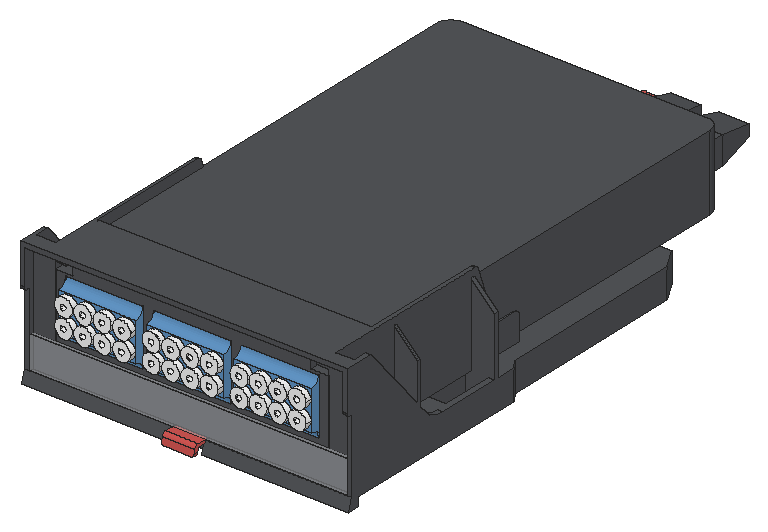
Revit family "Cassettes MTP", category Installations électriques, Revit 2020 (continued)
Types (8, lengths in mm): name | Libellé BIM | Profondeur | Type de connecteur interne | Lien e-catalogue | Classe ETIM | Approprié pour nombre de connecteurs | Connecteurs LC | EAN | Connecteurs SC | Visibilité des connecteurs | Visibilité connecteurs LC | Visibilité connecteurs SC | Classe de fibre optique | Croisé | Fonction | Nombre de connecteurs face arrière | Nombre de connecteurs face avant | Type de connecteur externe | Type de fibre optique | Référence Legrand
  Cassette MTP 12 SC OM4 panneau HD Ultra | "Cassette MTP 12 SC OM4 panneau HD Ultra" | 196 | "MT/MPO" | "https://www.legrand.fr/reference/032143/pro" | "EC001130" | 12 | Connecteurs LC : 12 fibres OM4 multimode | "3414970962164" | Connecteurs SC : 12 fibres OM4 multimode | no | no | yes | "OM4" | yes | "Cassettes Slim haute densité MTP" | 1 | 12 | "SC_DUPLEX" | "Multimode" | "032143"
  Cassette MTP 24 LC OS2 panneau HD Ultra | "Cassette MTP 24 LC OS2 panneau HD Ultra" | 196 | "MT/MPO" | "https://www.legrand.fr/reference/032144/pro" | "EC001130" | 24 | Connecteurs LC : 24 fibres OS2 monomode | "3414970962188" | Connecteurs SC : 12 fibres OM4 multimode | yes | yes | no | "OS2" | no | "Cassettes Slim haute densité MTP" | 2 | 24 | "LC_DUPLEX" | "Monomode" | "032144"
  Cassette MTP 12 SC OS2 panneau HD Ultra | "Cassette MTP 12 SC OS2 panneau HD Ultra" | 196 | "MT/MPO" | "https://www.legrand.fr/reference/032145/pro" | "EC001130" | 12 | Connecteurs LC : 12 fibres OM4 multimode | "3414970962201" | Connecteurs SC : 12 fibres OS2 monomode | no | no | yes | "OS2" | yes | "Cassettes Slim haute densité MTP" | 1 | 12 | "SC_DUPLEX" | "Monomode" | "032145"
  Cassette MTP 12 LC OM4 panneau HD Ultra | "Cassette MTP 12 LC OM4 panneau HD Ultra" | 200 | "MTP-M" | "https://www.legrand.fr/reference/032148/pro" | "EC002699" | 12 | Connecteurs LC : 12 fibres OM4 multimode | "3414971420236" | Connecteurs SC : 12 fibres OM4 multimode | no | yes | no | "OM4" | no | "Cassettes haute densité MTP" | 1 | 12 | "LC_DUPLEX" | "Multimode" | "032148"
  Cassette MTP 12 LC OS2 panneau HD Ultra | "Cassette MTP 12 LC OS2 panneau HD Ultra" | 200 | "MTP-M" | "https://www.legrand.fr/reference/032149/pro" | "EC002699" | 12 | Connecteurs LC : 12 fibres OS2 monomode | "3414971420250" | Connecteurs SC : 12 fibres OM4 multimode | no | yes | no | "OS2" | no | "Cassettes haute densité MTP" | 1 | 12 | "LC_DUPLEX" | "Monomode" | "032149"
  Cassette MTP 12 SC OM4 panneau HDÉ_UNIVERSELLE_ULTRA | "Cassette MTP 12 SC OM4 panneau HDÉ_UNIVERSELLE_ULTRA" | 200 | "MTP-M" | "https://www.legrand.fr/reference/_ULTRA/pro" | "EC002699" | 12 | Connecteurs LC : 12 fibres OM4 multimode | "3414971929296" | Connecteurs SC : 12 fibres OM4 multimode | no | no | yes | "OM4" | yes | "Cassettes haute densité MTP" | 1 | 12 | "SC_DUPLEX" | "Multimode" | "032159"
  Cassette 12 SC MTP OS2 polarité universelle Ultra | "Cassette 12 SC MTP OS2 polarité universelle Ultra" | 200 | "MTP-M" | "https://www.legrand.fr/reference/032160/pro" | "EC002699" | 12 | Connecteurs LC : 12 fibres OM4 multimode | "3414971929319" | Connecteurs SC : 12 fibres OS2 monomode | no | no | yes | "OS2" | yes | "Cassettes haute densité MTP" | 1 | 12 | "SC_DUPLEX" | "Monomode" | "032160"
